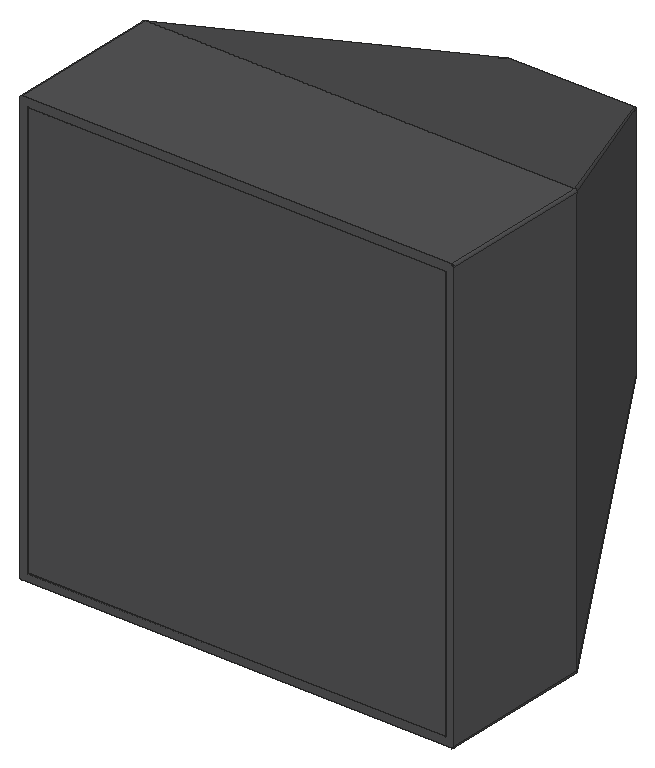
Revit family "Communication_Bosch_Speakers_MTS-4153-64", category Communication Devices, Revit 2018
Family settings
  Maintain Annotation Orientation = No
  Round Connector Dimension = Use Diameter
  Part Type = Normal
  Work Plane-Based = Yes
  Always vertical = No
  Cut with Voids When Loaded = No
  Shared = Yes
  Room Calculation Point = No
Parameters (values of type "MTS-4153-64FWB Loudspeaker high output 60x40 FW blk")
  XMTI = 1
  XCTN [instance] = "MTS-4153-64FWB"
  Weight (Kg) = if(or(XMTI = 1, XMTI = 2), "160", "148")  # "160"
  Vertical Coverage = "40°"  # constant formula
  UniclassTitle = "Loudspeakers"  # constant formula
  UniclassCode = "Pr_70_75_36_50"  # constant formula
  URL = "www.electrovoice.com"
  Product Website = "https://products.electrovoice.com/na/en/mts-4153/"
  Product Information = "https://products.electrovoice.com/downloadfile.php?id=979120"
  Product Description = "Loudspeaker high output 60x40 FW blk"
  PlanningTools = "https://products.electrovoice.com/na/en/preview"
  Max. SPL = "154 dB"  # constant formula
  MaterialRALColour = RAL 9005 black
  Material = "Multi-ply birch"
  Manufacturer = "Electro Voice"  # constant formula
  LoudSpeaker rotation Angle [instance] = 0.00°
  LoudSpeaker inclination Angle [instance] = 0.00°
  InstallationManual = "https://products.electrovoice.com/downloadfile.php?id=979142"
  IP Rating = "IP55"  # constant formula
  IFCExportAs = "IfcAudioVisualAppliance"  # constant formula
  Frequency range (-10 dB) = "Full space with MTS full range preset (55 Hz - 20 kHz)"  # constant formula
  FamType = MTS-4153-64 : MTS-4153-64FWB Loudspeaker high output 60x40 FW blk
  Disclaimer = "https://resources-boschsecurity-cdn.azureedge.net/public/information/bim/Disclaimer.pdf"
  Dimensions (H x W x D) = "1092 mm x 1092 mm x 1096 mm"  # constant formula
  Description = ""
  Default Elevation = 1219.2 mm
  Horizontal Coverage = "60°"  # constant formula
  CTN [instance] = XCTN  # "MTS-4153-64FWB"
  ArchitectsAndEngineersSpecs = "https://products.electrovoice.com/na/en/mts-4153/"
Types (4, lengths in mm): name | XMTI | XCTN | Weight (Kg) | Product Information | Product Description | MaterialRALColour | FamType | CTN
  MTS-4153-64PWB Loudspeaker high output 60x40 PW blk | 3 | "MTS-4153-64PWB" | "148" | "https://products.electrovoice.com/downloadfile.php?id=979122" | "Loudspeaker high output 60x40 PW blk" | RAL 9005 black | MTS-4153-64 : MTS-4153-64PWB Loudspeaker high output 60x40 PW blk | "MTS-4153-64PWB"
  MTS-4153-64PWW Loudspeaker high output 60x40 PW wht | 4 | "MTS-4153-64PWW" | "148" | "https://products.electrovoice.com/downloadfile.php?id=979123" | "Loudspeaker high output 60x40 PW wht" | RAL 9003 white | MTS-4153-64 : MTS-4153-64PWW Loudspeaker high output 60x40 PW wht | "MTS-4153-64PWW"
  MTS-4153-64FWB Loudspeaker high output 60x40 FW blk | 1 | "MTS-4153-64FWB" | "160" | "https://products.electrovoice.com/downloadfile.php?id=979120" | "Loudspeaker high output 60x40 FW blk" | RAL 9005 black | MTS-4153-64 : MTS-4153-64FWB Loudspeaker high output 60x40 FW blk | "MTS-4153-64FWB"
  MTS-4153-64FWW Loudspeaker high output 60x40 FW wht | 2 | "MTS-4153-64FWW" | "160" | "https://products.electrovoice.com/downloadfile.php?id=979121" | "Loudspeaker high output 60x40 FW wht" | RAL 9003 white | MTS-4153-64 : MTS-4153-64FWW Loudspeaker high output 60x40 FW wht | "MTS-4153-64FWW"
Reference planes
  plane 1 "Center (Front/Back)": y = 0
  plane 2: z = 0
  plane 3 "Center (Left/Right)": x = 0
  plane 4: y = 387.271
  plane 5: y = 1051
  plane 6: z = 546.1
Lines and regions (mm)
  reference lines
    curve 1: line (0, 0, 286.1) -> (0, 0, 546.1)
Dimensions and locks
  locked: plane 6 to level at 546.1
  "LoudSpeaker rotation Angle": angle curve 1 to plane 3 "Center (Left/Right)"
  aligned and locked: level to plane 2
  aligned and locked: plane 6 to curve 1
  aligned and locked: plane 3 "Center (Left/Right)" to curve 1
Nested families
  nested 1: "MTS-4153-64" at (0, 0, 0), type <- "FamType", LoudSpeaker inclination Angle <- "LoudSpeaker inclination Angle", type "MTS-4153-64FWB Loudspeaker high output 60x40 FW blk"
    with XCTN "MTS-4153-64PWB", LoudSpeaker inclination Angle 0.00°, CTN "MTS-4153-64PWB"
Connectors
  electrical at (0.433, 1051, 546.1)
    settings: on nested 1, index 1, voltage 0 V, apparent load 0 VA, apparent load phase1 0 VA, apparent load phase2 0 VA, apparent load phase3 0 VA, power factor 1, load classification "Other", number of poles 1, system type 14, power factor state 1, is connector primary yes, connector utility no, sub classification motor no, connector description ""
Definition of nested family "MTS-4153-64"
  Parameters (values of type "MTS-4153-64FWB Loudspeaker high output 60x40 FW blk")
    XMTI = 1
    XCTN [instance] = "MTS-4153-64FWB"
    Weight (Kg) = if(or(XMTI = 1, XMTI = 2), "160", "148")  # "160"
    Vertical Coverage = "40°"  # constant formula
    UniclassTitle = "Loudspeakers"  # constant formula
    UniclassCode = "Pr_70_75_36_50"  # constant formula
    URL = "www.electrovoice.com"
    Product Website = "https://products.electrovoice.com/na/en/mts-4153/"
    Product Information = "https://products.electrovoice.com/downloadfile.php?id=979120"
    Product Description = "Loudspeaker high output 60x40 FW blk"
    PlanningTools = "https://products.electrovoice.com/na/en/preview"
    Max. SPL = "154 dB"  # constant formula
    MaterialRALColour = none
    Material = "Multi-ply birch"
    Manufacturer = "Electro Voice"  # constant formula
    LoudSpeaker inclination Angle [instance] = 0.00°
    InstallationManual = "https://products.electrovoice.com/downloadfile.php?id=979142"
    IP Rating = "IP55"  # constant formula
    IFCExportAs = "IfcAudioVisualAppliance"  # constant formula
    Frequency range (-10 dB) = "Full space with MTS full range preset (55 Hz - 20 kHz)"  # constant formula
    Disclaimer = "https://resources-boschsecurity-cdn.azureedge.net/public/information/bim/Disclaimer.pdf"
    Dimensions (H x W x D) = "1092 mm x 1092 mm x 1096 mm"  # constant formula
    Description = ""
    Default Elevation = 1219.2 mm
    Horizontal Coverage = "60°"  # constant formula
    CTN [instance] = XCTN  # "MTS-4153-64FWB"
    ArchitectsAndEngineersSpecs = "https://products.electrovoice.com/na/en/mts-4153/"
  Types (4, lengths in mm): name | XMTI | XCTN | Weight (Kg) | Product Information | Product Description | CTN
    MTS-4153-64PWB Loudspeaker high output 60x40 PW blk | 3 | "MTS-4153-64PWB" | "148" | "https://products.electrovoice.com/downloadfile.php?id=979122" | "Loudspeaker high output 60x40 PW blk" | "MTS-4153-64PWB"
    MTS-4153-64PWW Loudspeaker high output 60x40 PW wht | 4 | "MTS-4153-64PWW" | "148" | "https://products.electrovoice.com/downloadfile.php?id=979123" | "Loudspeaker high output 60x40 PW wht" | "MTS-4153-64PWW"
    MTS-4153-64FWB Loudspeaker high output 60x40 FW blk | 1 | "MTS-4153-64FWB" | "160" | "https://products.electrovoice.com/downloadfile.php?id=979120" | "Loudspeaker high output 60x40 FW blk" | "MTS-4153-64FWB"
    MTS-4153-64FWW Loudspeaker high output 60x40 FW wht | 2 | "MTS-4153-64FWW" | "160" | "https://products.electrovoice.com/downloadfile.php?id=979121" | "Loudspeaker high output 60x40 FW wht" | "MTS-4153-64FWW"
  Reference planes
    plane 1 "Center (Front/Back)": y = 0
    plane 2: z = 0
    plane 3 "Center (Left/Right)": x = 0
    plane 4: y = 387.271
    plane 5: y = 1051
    plane 6: z = 546.1
    plane 7: x = -161.886
    plane 8: x = 162.752
    plane 9: z = 546.1
    plane 10: z = 851.1
    plane 11: z = 241.1
  Forms (mm)
    Extrusion 1, solid, material <- "MaterialRALColour"
      sketch origin (0, 0, 0) x (0, 0, 1) y (1, 0, 0)
        loop
          line (1085.85, 546.1) -> (6.35, 546.1)
          arc (6.35, 546.1) -> (1.86, 544.24) -> (0, 539.75) r 6.35
          line (0, 539.75) -> (0, -539.75)
          arc (0, -539.75) -> (1.86, -544.24) -> (6.35, -546.1) r 6.35
          line (6.35, -546.1) -> (1085.85, -546.1)
          arc (1085.85, -546.1) -> (1090.34, -544.24) -> (1092.2, -539.75) r 6.35
          line (1092.2, -539.75) -> (1092.2, 539.75)
          arc (1092.2, 539.75) -> (1090.34, 544.24) -> (1085.85, 546.1) r 6.35
      from 0 to 387.271
    Blend 2, solid, material <- "MaterialRALColour"
      base sketch origin (0, 387.271, 0) x (0, 0, 1) y (-1, 0, 0)
        loop
          line (1092.2, -539.75) -> (1092.2, 539.75)
          arc (1092.2, 539.75) -> (1090.34, 544.24) -> (1085.85, 546.1) r 6.35
          line (1085.85, 546.1) -> (6.35, 546.1)
          arc (6.35, 546.1) -> (1.86, 544.24) -> (0, 539.75) r 6.35
          line (0, 539.75) -> (0, -539.75)
          arc (0, -539.75) -> (1.86, -544.24) -> (6.35, -546.1) r 6.35
          line (6.35, -546.1) -> (1085.85, -546.1)
          arc (1085.85, -546.1) -> (1090.34, -544.24) -> (1092.2, -539.75) r 6.35
      top sketch origin (0, 387.271, 0) x (0, 0, 1) y (-1, 0, 0)
        loop
          line (851.1, -160.345) -> (851.1, 159.479)
          arc (851.1, 159.479) -> (850.395, 161.181) -> (848.693, 161.886) r 2.407
          line (848.693, 161.886) -> (243.507, 161.886)
          arc (243.507, 161.886) -> (241.805, 161.181) -> (241.1, 159.479) r 2.407
          line (241.1, 159.479) -> (241.1, -160.345)
          arc (241.1, -160.345) -> (241.805, -162.047) -> (243.507, -162.752) r 2.407
          line (243.507, -162.752) -> (848.693, -162.752)
          arc (848.693, -162.752) -> (850.395, -162.047) -> (851.1, -160.345) r 2.407
      from 0 to -663.729
    Extrusion 3, void
      sketch origin (0, 0, 0) x (0, 0, 1) y (1, 0, 0)
        loop
          line (1072.2, 526.1) -> (20, 526.1) -> (20, -526.1) -> (1072.2, -526.1) -> (1072.2, 526.1)
      from 0 to 25
    Extrusion 4, solid, material <- "MaterialRALColour"
      sketch origin (0, 0, 0) x (0, 0, -1) y (1, 0, 0)
        loop
          line (-1071.2, 525.1) -> (-1071.2, -525.1) -> (-21, -525.1) -> (-21, 525.1) -> (-1071.2, 525.1)
      from 0 to -10
  Cuts and joins
    Extrusion 3 cuts Extrusion 1
    joined: Extrusion 1, Blend 2
  Lines and regions (mm)
    reference lines
      curve 1: line (0, 0, 0) -> (0, 0, 546.1)
  Dimensions and locks
    locked: plane 6 to level at 546.1
    "LoudSpeaker inclination Angle": angle curve 1 to plane 1 "Center (Front/Back)"
    aligned and locked: level to plane 2
    aligned and locked: plane 6 to curve 1
    aligned and locked: plane 1 "Center (Front/Back)" to curve 1
  Automatic sketch dimensions
    Extrusion 1 to Blend 2 sketch curve = 6.35 mm  (x2)
    Extrusion 1 to Blend 2 sketch curve = 241.1 mm
    Blend 2 sketch curve to Blend 2 sketch curve = 2.407 mm  (x3)
    Extrusion 1 to Blend 2 sketch curve = 243.507 mm  (x2)
    Extrusion 1 to Blend 2 sketch curve = 383.348 mm
    Blend 2 sketch curve to Blend 2 sketch curve = 319.824 mm
    Extrusion 1 to Extrusion 3 sketch curve = 20 mm  (x4)
    Extrusion 1 to Extrusion 4 sketch curve = 21 mm  (x4)
    curve 1 to Extrusion 1 sketch curve = 0 mm
    curve 1 to Extrusion 1 sketch curve = 6.35 mm  (x2)
    curve 1 to Extrusion 1 sketch curve = 539.75 mm  (x3)
    Extrusion 1 sketch curve to Extrusion 1 sketch curve = 6.35 mm
    Extrusion 1 sketch curve to curve 1 = 546.1 mm
    radius of Blend 2 sketch curve to Extrusion 1 = 0 mm  (x2)
  Connectors
    electrical at (0.433, 1051, 546.1)
      settings: on cut or joined group of Extrusion 1, Blend 2, Extrusion 3, index 1, voltage 0 V, apparent load 0 VA, apparent load phase1 0 VA, apparent load phase2 0 VA, apparent load phase3 0 VA, power factor 1, load classification none, number of poles 1, system type 14, power factor state 1, is connector primary yes, connector utility no, sub classification motor no, connector description ""
